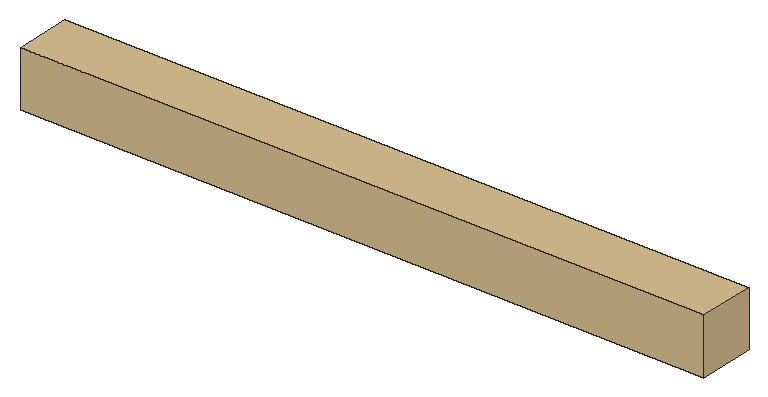
Revit family "StructuralTimbers-Beams_Humboldt", category Structural Framing, Revit 2026
Family settings
  Section Shape = Not Defined
  Material for Model Behavior = Wood
  Always export as geometry = No
  Classification Number = 23.25.30.11.14.14
  Always vertical = Yes
  Cut with Voids When Loaded = No
  Symbolic Representation = From Project Settings
  Shared = No
  Show family pre-cut in plan views = Yes
Parameters (values of type "Douglas Fir - Rough - Full Sawn - 8X8")
  d = 0' - 8"
  b = 0' - 8"
  URL = "http://www.arcat.com/arcatcos/cos49/arc49314.html"
  Type Comments = "-"
  Test Data = "http://www.arcat.com/catalogs/humboldt/span-chart/index.html?coid=49314"
  Tension (Ft) = "425"
  Structural Material = Humboldt Douglas Fir
  Specification = "http://www.arcat.com/sd/clients/humboldt.html?coid=49314"
  Shear (Fv) = "160"
  Send Message = "http://www.getredwood.com/contact-us/"
  Sales Information = "http://www.getredwood.com/contact-us/"
  Revision = "R1_04-2017"
  Product Data = "-"
  Modulus of Elasticity (MOE) = "1"
  Model = "Humboldt-Redwood-Beams"
  Manufacturer Website = "http://www.getredwood.com/"
  Manufacturer Phone = "(707) 764-4472"
  Manufacturer Fax = "(707) 764-4444 � Fax"
  Manufacturer Address = "125 Main Street P.O. Box 565 Scotia, CA 95565"
  Manufacturer = "Humboldt Redwood"
  Lumber Grade = "No. 2 Open Grain (OG)No. 2 Open Grain (OG)"
  Length [instance] = 10' - 0"
  Keynote = "06 13 00"
  Green Building-LEED = "http://www.arcat.com/green/clients/cos49/leed_product_credits_49314_172508.html"
  Fire Rating = "-"
  Expected Lifespan (Years) = 0
  Drawn By = "Sumex Design, Inc. / Robert S. Weygant, CSI, CDT, SCIP"
  Description = "Humboldt-Redwood-Beams"
  Cost = 0
  Copyright = "2016 ARCAT, Inc."
  Compression (Perpendicular) = "425"
  Compression (Parallel) = "700"
  Bending (Fb) = "725"
  Assembly Code = "B1010340"
Types (56): name | d | b | Structural Material
  Douglas Fir - Rough - Full Sawn - 8X8 | 0' - 8" | 0' - 8" | Humboldt Douglas Fir
  Douglas Fir - Rough - Full Sawn - 6X12 | 0' - 6" | 1' - 0" | Humboldt Douglas Fir
  Douglas Fir - Rough - Full Sawn - 6X10 | 0' - 6" | 0' - 10" | Humboldt Douglas Fir
  Douglas Fir - Rough - Full Sawn - 6X8 | 0' - 6" | 0' - 8" | Humboldt Douglas Fir
  Douglas Fir - Rough - Full Sawn - 6X6 | 0' - 6" | 0' - 6" | Humboldt Douglas Fir
  Douglas Fir - Rough - Full Sawn - 4X8 | 0' - 3 3/4" | 0' - 7 7/8" | Humboldt Douglas Fir
  Douglas Fir - Rough - Full Sawn - 4X6 | 0' - 3 3/4" | 0' - 5 7/8" | Humboldt Douglas Fir
  Douglas Fir - Rough - 2X6 | 0' - 1 3/4" | 0' - 5 7/8" | Humboldt Douglas Fir
  Douglas Fir - Rough - 2X4 | 0' - 1 3/4" | 0' - 3 3/4" | Humboldt Douglas Fir
  Douglas Fir - Surfaced 4 Sides - 6X12 | 0' - 5 1/2" | 0' - 11 1/2" | Humboldt Douglas Fir
  Douglas Fir - Surfaced 4 Sides - 6X10 | 0' - 5 1/2" | 0' - 9 1/2" | Humboldt Douglas Fir
  Douglas Fir - Surfaced 4 Sides - 6X8 | 0' - 5 1/2" | 0' - 7 1/2" | Humboldt Douglas Fir
  Douglas Fir - Surfaced 4 Sides - 6X6 | 0' - 5 1/2" | 0' - 5 1/2" | Humboldt Douglas Fir
  Douglas Fir - Surfaced 4 Sides - 4X12 | 0' - 3.562" | 0' - 11 1/2" | Humboldt Douglas Fir
  Douglas Fir - Surfaced 4 Sides - 4X10 | 0' - 3.562" | 0' - 9 1/2" | Humboldt Douglas Fir
  Douglas Fir - Surfaced 4 Sides - 4X8 | 0' - 3.562" | 0' - 7 1/2" | Humboldt Douglas Fir
  Douglas Fir - Surfaced 4 Sides - 4X6 | 0' - 3.562" | 0' - 5 5/8" | Humboldt Douglas Fir
  Douglas Fir - Surfaced 4 Sides - 4X4 | 0' - 3.562" | 0' - 3.562" | Humboldt Douglas Fir
  Douglas Fir - Surfaced 4 Sides - 3X6 | 0' - 2.563" | 0' - 5 5/8" | Humboldt Douglas Fir
  Douglas Fir - Surfaced 4 Sides - 2X12 | 0' - 1 1/2" | 0' - 11 1/2" | Humboldt Douglas Fir
  Douglas Fir - Surfaced 4 Sides - 2X10 | 0' - 1 1/2" | 0' - 9 1/2" | Humboldt Douglas Fir
  Douglas Fir - Surfaced 4 Sides - 2X8 | 0' - 1 1/2" | 0' - 7 1/2" | Humboldt Douglas Fir
  Douglas Fir - Surfaced 4 Sides - 2X6 | 0' - 1 1/2" | 0' - 5 1/2" | Humboldt Douglas Fir
  Douglas Fir - Surfaced 4 Sides - 2X4 | 0' - 1 1/2" | 0' - 3 1/2" | Humboldt Douglas Fir
  Redwood - Rough - 8X8 | 0' - 7 7/8" | 0' - 7 7/8" | Humboldt Redwood
  Redwood - Rough - 6X12 | 0' - 5 7/8" | 0' - 11 7/8" | Humboldt Redwood
  Redwood - Rough - 6X10 | 0' - 5 7/8" | 0' - 9 7/8" | Humboldt Redwood
  Redwood - Rough - 6X8 | 0' - 5 7/8" | 0' - 7 7/8" | Humboldt Redwood
  Redwood - Rough - 6X6 | 0' - 5 7/8" | 0' - 5 7/8" | Humboldt Redwood
  Redwood - Rough - 4X12 | 0' - 3 3/4" | 0' - 11 3/4" | Humboldt Redwood
  Redwood - Rough - 4X10 | 0' - 3 3/4" | 0' - 9 3/4" | Humboldt Redwood
  Redwood - Rough - 4X8 | 0' - 3 3/4" | 0' - 7 3/4" | Humboldt Redwood
  Redwood - Rough - 4X6 | 0' - 3 3/4" | 0' - 5 3/4" | Humboldt Redwood
  Redwood - Rough - 4X4 | 0' - 3 3/4" | 0' - 3 3/4" | Humboldt Redwood
  Redwood - Surfaced 4 Sides - 8X8 | 0' - 7 1/2" | 0' - 7 1/2" | Humboldt Redwood
  Redwood - Surfaced 4 Sides - 6X12 | 0' - 5 1/2" | 0' - 11 1/2" | Humboldt Redwood
  Redwood - Surfaced 4 Sides - 6X10 | 0' - 5 1/2" | 0' - 9 1/2" | Humboldt Redwood
  Redwood - Surfaced 4 Sides - 6X8 | 0' - 5 1/2" | 0' - 7 1/2" | Humboldt Redwood
  Redwood - Surfaced 4 Sides - 6X6 | 0' - 5 1/2" | 0' - 5 1/2" | Humboldt Redwood
  Redwood - Surfaced 4 Sides - 4X12 | 0' - 3 1/2" | 0' - 11 1/2" | Humboldt Redwood
  Redwood - Surfaced 4 Sides - 4X10 | 0' - 3 1/2" | 0' - 9 1/2" | Humboldt Redwood
  Redwood - Surfaced 4 Sides - 4X8 | 0' - 3 1/2" | 0' - 7 1/2" | Humboldt Redwood
  Redwood - Surfaced 4 Sides - 4X6 | 0' - 3 1/2" | 0' - 5 1/2" | Humboldt Redwood
  Redwood - Surfaced 4 Sides - 4X4 | 0' - 3 1/2" | 0' - 3 1/2" | Humboldt Redwood
  Redwood - Surfaced 2 sides - 2X12 | 0' - 1.656" | 0' - 11 1/4" | Humboldt Redwood
  Redwood - Surfaced 2 sides - 2X8 | 0' - 1.656" | 0' - 7 1/4" | Humboldt Redwood
  Redwood - Surfaced 2 sides - 2X6 | 0' - 1.656" | 0' - 5 1/2" | Humboldt Redwood
  Redwood - Surfaced 2 sides - 2X4 | 0' - 1.656" | 0' - 3 1/2" | Humboldt Redwood
  Redwood - Rough - 2X12 | 0' - 1 3/4" | 0' - 11 7/8" | Humboldt Redwood
  Redwood - Rough - 2X8 | 0' - 1 3/4" | 0' - 7 7/8" | Humboldt Redwood
  Redwood - Rough - 2X6 | 0' - 1 3/4" | 0' - 5 7/8" | Humboldt Redwood
  Redwood - Rough - 2X4 | 0' - 1 3/4" | 0' - 3 7/8" | Humboldt Redwood
  Redwood - Surfaced 4 Sides - 2X12 | 0' - 1 1/2" | 0' - 11 1/4" | Humboldt Redwood
  Redwood - Surfaced 4 Sides - 2X8 | 0' - 1 1/2" | 0' - 7 1/4" | Humboldt Redwood
  Redwood - Surfaced 4 Sides - 2X6 | 0' - 1 1/2" | 0' - 5 1/2" | Humboldt Redwood
  Redwood - Surfaced 4 Sides - 2X4 | 0' - 1 1/2" | 0' - 3 1/2" | Humboldt Redwood
Reference planes (in)
  plane 1 "Center (Front/Back)": y = 0
  plane 2 "Center El.": z = 0
  plane 3 "Center (Left/Right)": x = 0
  plane 4 "Left": x = -60
  plane 5 "Member Left": x = -50
  plane 6 "Right": x = 60
  plane 7 "Member Right": x = 48
  plane 8: y = 4
  plane 9: y = -4
  plane 10: z = 4
  plane 11: z = -4
Forms (in)
  Extrusion 1, solid, material "Humboldt Douglas Fir" <- "Structural Material", detail levels medium+fine
    sketch origin (0, 0, 0) x (0, 1, 0) y (0, 0, 1)
      loop
        line (4, 4) -> (-4, 4) -> (-4, -4) -> (4, -4) -> (4, 4)
    from -50 to 48
Lines and regions (in)
  model lines, style "Stick Symbols", detail levels coarse
    curve 1: line (-45, 0, 0) -> (45, 0, 0)
  symbolic lines, style "Stick Symbols", detail levels coarse
    curve 2: line (-50, 0, 0) -> (48, 0, 0)
  symbolic lines, style "Stick Symbols"
    curve 3: line (0, 4, 4) -> (0, -4, 4)
    curve 4: line (0, 4, -4) -> (0, 4, 4)
    curve 5: line (0, -4, -4) -> (0, 4, -4)
    curve 6: line (0, -4, 4) -> (0, -4, -4)
    curve 7: line (0, 4, 4) -> (0, -4, -4)
    curve 8: line (0, -4, 4) -> (0, 4, -4)
Dimensions and locks (in)
  equal spacing: plane 4 "Left", plane 3 "Center (Left/Right)", plane 6 "Right"
  "Length": plane 4 "Left" to plane 6 "Right"
  "d": plane 8 to plane 9
  equal spacing: plane 8, plane 1 "Center (Front/Back)", plane 9
  "b": plane 10 to plane 11
  equal spacing: plane 10, level, plane 11
  aligned and locked: level to plane 2 "Center El."
  aligned and locked: Extrusion 1 sketch curve to plane 8
  aligned and locked: plane 10 to Extrusion 1
  aligned and locked: Extrusion 1 to plane 11
  aligned and locked: plane 5 "Member Left" to Extrusion 1
  aligned and locked: Extrusion 1 to plane 7 "Member Right"
  aligned and locked: plane 1 "Center (Front/Back)" to curve 2
  aligned and locked: curve 2 to Extrusion 1  (x2)
  aligned and locked: plane 10 to curve 3
  aligned and locked: plane 8 to curve 4
  aligned and locked: curve 5 to plane 11
  aligned and locked: curve 6 to plane 9
Automatic sketch dimensions
  Extrusion 1 sketch curve to plane 9 = 0' - 0"
  Extrusion 1 sketch curve to plane 10 = 0' - 0"
  plane 11 to Extrusion 1 sketch curve = 0' - 0"
  plane 1 "Center (Front/Back)" to curve 1 = 0' - 0"
  curve 2 to curve 1 = 0' - 5"
  plane 7 "Member Right" to curve 1 = 0' - 3"
